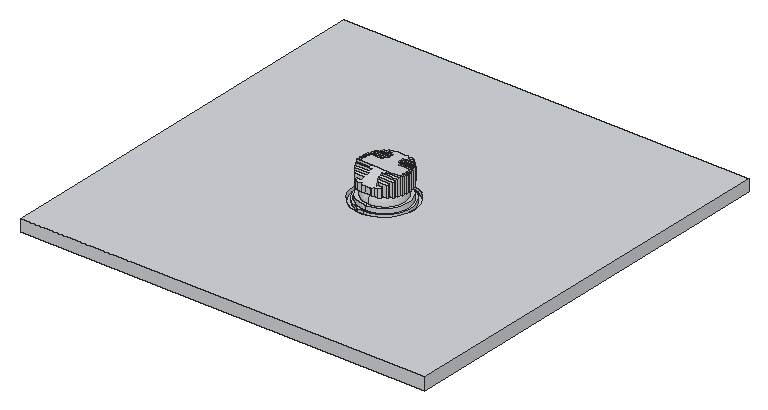
Revit family "Quinta-C100-Square", category Lighting Fixtures, Revit 2014
Parameters (values of type "Quinta C100 Square")
  Wattage Comments = "8.3"
  Wattage = 8.3 W
  built-in parameter 1150110 = 1 (stored number, unit not read)
  Type Comments = "Recessed"
  Type = "Recessed Downlighter"
  built-in parameter 1114217 = 1 (stored number, unit not read)
  Tilt Angle = 90.00°
  built-in parameter 1150109 = 1 (stored number, unit not read)
  built-in parameter 1150134 = (empty or 0)
  built-in parameter 1150113 = 1 (stored number, unit not read)
  Photometric Web File = "G0160-250mA.ies"
  Dimension (mm) = "100 x 100"
  Model = "Quinta C100 Square"
  Manufacturer = "Designed Architectural Lighting"
  Luminous flux of luminaire (lm) = "Up to 1051 lumens"
  Lumens = 1049.95 lm
  built-in parameter 1150115 = 1 (stored number, unit not read)
  built-in parameter 1150105 = 1082.6 (stored number, unit not read)
  built-in parameter 1150137 = (empty or 0)
  built-in parameter 1150139 = (empty or 0)
  built-in parameter 1150112 = 1 (stored number, unit not read)
  built-in parameter 1150114 = 1 (stored number, unit not read)
  Lamp = "LED"
  built-in parameter 1150132 = (empty or 0)
  built-in parameter 1150102 = (empty or 0)
  built-in parameter 1150138 = (empty or 0)
  built-in parameter 1150107 = 3000 (stored number, unit not read)
  built-in parameter 1150106 = 10.826 (stored number, unit not read)
  Height (mm) = "67"
  built-in parameter 1150104 = 11.752 (stored number, unit not read)
  Dimming Lamp Color Temperature Shift = <None>
  Description = "Recessed directional LED square downlighter"
  Cut Out (mm) = "90"
  Colour temperature (K) = "2700 / 3000 / 4000"
  Color Filter = 16777215
  CRI = "80"
  built-in parameter 1114218 = 1 (stored number, unit not read)
  built-in parameter 1150133 = 10 (stored number, unit not read)
  Apparent Load = 8.3 VA
  Aperture (mm) = "78"
Reference planes
  plane 1 "Light Source Axis (F/B)": y = 0
  plane 2: z = 0
  plane 3 "Light Source Axis (L/R)": x = 0
  plane 4 "Light Source Elevation": z = 0
Forms (mm)
  Extrusion 1, solid
    sketch origin (-38.915, -66.181, 0) x (1, 0, 0) y (0, 1, 0)
      loop
        line (-261.085, 366.181) -> (-261.085, -233.819) -> (338.915, -233.819) -> (338.915, 366.181) -> (-261.085, 366.181)
      loop
        circle (38.915, 66.181) r 45
    from 0 to 18
  Revolve 2, solid
    sketch origin (0, 0, 9.375) x (0, 1, 0) y (0, 0, 1)
      loop
        line (23.648, 29.403) -> (23.648, 5.332) -> (22.618, 4.737) -> (22.618, 1.504) -> (20.518, 1.504) -> (20.518, -0.401) -> (25.518, -0.401)
        arc (25.518, -0.401) -> (26.254, -0.22) -> (26.779, 0.327) r 1.359
        arc (26.779, 0.327) -> (29.626, 15.34) -> (23.648, 29.403) r 26.302
      loop
        arc (6.307, 31.652) -> (13.745, 17.066) -> (19.647, 1.795) r 159.428
        line (19.647, 1.795) -> (22.351, 1.795) -> (22.351, 3.53) -> (20.518, 3.53)
        arc (20.518, 3.53) -> (19.971, 3.756) -> (19.745, 4.303) r 0.773
        arc (19.745, 4.303) -> (14.543, 18.233) -> (8.136, 31.652) r 168.987
        line (8.136, 31.652) -> (6.307, 31.652)
      axis (0, 31.652) -> (0, -0.401)
    angle from 0 to 360
  Revolve 3, solid
    sketch origin (0, 1.562, 1.562) x (0, 1, 0) y (0, 0, 1)
      loop
        line (32.277, -4.238) -> (32.277, -1.562) -> (42.195, -1.563) -> (42.195, 13.144) -> (37.99, 13.144) -> (37.99, 16.902) -> (35.753, 16.902) -> (35.753, 15.244) -> (33.991, 15.244) -> (33.991, 22.55) -> (28.991, 22.55) -> (28.991, 12.55) -> (27.463, 12.55)
        arc (27.463, 12.55) -> (30.836, 4.433) -> (32.277, -4.238) r 38.453
      axis (-1.25, 22.55) -> (-1.25, -4.238)
    angle from 0 to 360
  Revolve 4, solid
    sketch origin (0, 0, 23.75) x (0, 1, 0) y (0, 0, 1)
      loop
        line (0, 17.258) -> (15, 17.258) -> (15, 20.342) -> (0, 20.342) -> (0, 17.258)
      axis (0, 20.342) -> (0, 17.258)
    angle from 0 to 360
  Extrusion 5, solid
    sketch origin (-134.655, 0, 0) x (1, 0, 0) y (0, 1, 0)
      loop
        line (137.741, 33.016) -> (133.896, 33.016) -> (128.121, 33.016) -> (126.853, 31.748) -> (121.853, 31.748) -> (117.155, 30.037) -> (117.155, 29.216) -> (124.321, 29.216) -> (124.321, 26.255) -> (112.585, 26.255) -> (110.97, 24.64) -> (110.97, 23.63) -> (128.13, 23.63) -> (128.13, 20.669) -> (107.74, 20.669) -> (106.495, 19.424) -> (106.495, 18.381) -> (128.13, 18.381) -> (128.13, 15.488) -> (104.981, 15.488) -> (104.106, 15.488) -> (104.106, 12.46) -> (123.689, 12.46) -> (123.689, 9.633) -> (102.761, 9.633) -> (101.818, 9.633) -> (101.818, 7.413) -> (106.495, 7.413) -> (106.495, 4.25) -> (100.944, 4.25) -> (100.944, 1.424) -> (105.944, 1.424) -> (105.944, -1.604) -> (100.944, -1.604) -> (100.944, -3.997) -> (105.944, -3.997) -> (105.944, -7.272) -> (101.818, -7.272) -> (101.818, -9.508) -> (123.689, -9.508) -> (123.689, -13.008) -> (104.106, -13.008) -> (104.106, -15.296) -> (128.13, -15.296) -> (128.13, -18.189) -> (106.495, -18.189) -> (106.495, -19.23) -> (108.15, -20.885) -> (128.13, -20.885) -> (128.13, -23.693) -> (110.958, -23.693) -> (110.958, -24.678) -> (112.459, -26.178) -> (125.077, -26.178) -> (125.077, -29.146) -> (117.128, -29.146) -> (117.128, -30.167) -> (120.985, -31.965) -> (127.151, -31.965) -> (128.408, -33.223) -> (132.466, -33.223) -> (139.171, -33.223) -> (143.228, -33.223) -> (144.486, -31.965) -> (150.652, -31.965) -> (154.509, -30.167) -> (154.509, -29.146) -> (146.56, -29.146) -> (146.56, -26.178) -> (159.178, -26.178) -> (160.679, -24.678) -> (160.679, -23.693) -> (143.507, -23.693) -> (143.507, -20.885) -> (163.487, -20.885) -> (165.142, -19.23) -> (165.142, -18.189) -> (143.507, -18.189) -> (143.507, -15.296) -> (167.53, -15.296) -> (167.53, -13.008) -> (147.948, -13.008) -> (147.948, -9.508) -> (169.818, -9.508) -> (169.818, -7.272) -> (165.693, -7.272) -> (165.693, -3.997) -> (170.693, -3.997) -> (170.693, -1.604) -> (165.693, -1.604) -> (165.693, 1.424) -> (170.693, 1.424) -> (170.693, 4.25) -> (165.142, 4.25) -> (165.142, 7.413) -> (169.818, 7.413) -> (169.818, 9.633) -> (168.876, 9.633) -> (147.948, 9.633) -> (147.948, 12.46) -> (167.53, 12.46) -> (167.53, 15.488) -> (166.656, 15.488) -> (143.507, 15.488) -> (143.507, 18.381) -> (165.142, 18.381) -> (165.142, 19.424) -> (163.897, 20.669) -> (143.507, 20.669) -> (143.507, 23.63) -> (160.667, 23.63) -> (160.667, 24.64) -> (159.052, 26.255) -> (147.316, 26.255) -> (147.316, 29.216) -> (154.482, 29.216) -> (154.482, 30.037) -> (149.784, 31.748) -> (144.784, 31.748) -> (143.515, 33.016) -> (137.741, 33.016)
    from 38.778 to 62.945
  Extrusion 6, void
    sketch origin (0, 0, -0.312) x (0, 1, 0) y (0, 0, 1)
      loop
        line (-1.593, 64.492) -> (-1.593, 65.51) -> (-35.799, 65.51) -> (-35.799, 45.51)
        arc (-35.799, 45.51) -> (-20.941, 59.046) -> (-1.593, 64.492) r 43.666
    from -36.333 to 39.554
  Extrusion 7, void
    sketch origin (0, 0, 0) x (0, 1, 0) y (0, 0, 1)
      loop
        line (33.846, 38.172) -> (33.846, 50.633) -> (31.273, 49.433)
        arc (31.273, 49.433) -> (28.183, 45.18) -> (23.183, 43.555) r 8.507
        line (23.183, 43.555) -> (15.488, 43.555) -> (15.488, 38.172) -> (33.846, 38.172)
    from -36.333 to 36.038
  Extrusion 8, solid
    sketch origin (0, 0, 0) x (1, 0, 0) y (0, 1, 0)
      loop
        line (20.92, 1.153) -> (20.92, -1.157) -> (23.774, -1.157) -> (23.774, 1.153) -> (20.92, 1.153)
    from 7.008 to 8.974
  Extrusion 9, solid
    sketch origin (-54.673, 0, 0) x (1, 0, 0) y (0, 1, 0)
      loop
        line (30.708, 1.153) -> (30.708, -1.157) -> (33.799, -1.157) -> (33.799, 1.153) -> (30.708, 1.153)
    from 7.008 to 8.974
  Extrusion 10, solid
    sketch origin (0, 0.312, 0) x (1, 0, 0) y (0, 1, 0)
      loop
        line (-50.099, 49.764) -> (-50.099, -50.236) -> (49.901, -50.236) -> (49.901, 49.764) -> (-50.099, 49.764)
      loop
        circle (0, 0.072) r 34
    from 0 to -2.675
Cuts and joins
  Extrusion 6, Extrusion 7 cuts Extrusion 5
Dimensions and locks
  aligned and locked: plane 3 "Light Source Axis (L/R)" to imposter light
  aligned and locked: plane 1 "Light Source Axis (F/B)" to imposter light
  aligned and locked: plane 4 "Light Source Elevation" to imposter light
  aligned and locked: level to plane 2
